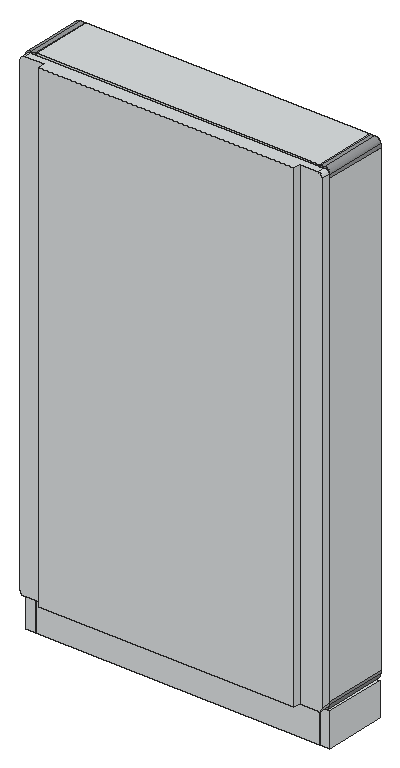
Revit family "Legrand Cabinet XL³ 800 Metal", category Equipement électrique, Revit 2020
Family settings
  Configuration du panneau = Deux colonnes, circuits au sein
  Cote de connecteur circulaire = Utiliser le diamètre
  Type d'élément = Tableau de raccordement
  Numéro OmniClass = 23.80.30.11.17
  Titre OmniClass = Distribution Boards and Control Panels
  Basée sur le plan de construction = Non
  Toujours verticalement = Oui
  Couper avec des vides une fois chargée = Non
  Partagée = Non
  Point de calcul de pièce = Non
Parameters (values of type "020408-021258")
  built-in parameter 1140140 [instance] = 1 (stored number, unit not read)
  depth installation zone = 1330 mm
  Material corner = "Plastic"  # constant formula
  Material = "Steel"  # constant formula
  width installation zone = 2360 mm
  height installation zone = [height total (mm)]  # 1550 mm
  installation zone [instance] = yes
  URL = "https://www.legrand.fr/"
  depth (mm) = 230 mm
  General Conditions of Use = "https://export.legrand.com/en/terms-of-use-BIM-objects"
  Enclosures = not(Cabinets)  # yes
  Cabinets = no
  level installation zone = if(not(Enclosures), 5 mm, 0 mm)  # 0 mm
  level Cabinet = if(not(Enclosures), 0 mm, 100 mm)  # 100 mm
  Modèle = "XL³ 800"
  width (mm) = 910 mm
  IPK (kA) = "50"
  IN max (A) = "800"
  ICW (until) (kA) = "25"
  IP without door = "30"
  IP with door = "43"
  IK without door = "07"
  IK with door = "08"
  height total (mm) = 1550 mm
  height = if(not(Enclosures), [height total (mm)], [height total (mm)] - 100 mm)  # 1450 mm
  Finish = "Epoxipolyester paint deposited by electrostatic powder"
  Fabricant = "Legrand"  # constant formula
  RAL = "7035"
  Elévation par défaut = 0 mm
  built-in parameter 1140142 [instance] = -1
  built-in parameter 1155100 [instance] = -1
Types (9, lengths in mm): name | height installation zone | Enclosures | Cabinets | level installation zone | level Cabinet | width (mm) | height total (mm) | height
  (no name) | 1050 | no | yes | 5 | 0 | 660 | 1050 | 1050
  020401-021251 | 1050 | no | yes | 5 | 0 | 660 | 1050 | 1050
  020404-021254 | 1950 | yes | no | 0 | 100 | 660 | 1950 | 1850
  020402-021252 | 1250 | no | yes | 5 | 0 | 660 | 1250 | 1250
  020406-021256 | 1050 | no | yes | 5 | 0 | 910 | 1050 | 1050
  020407-021257 | 1250 | no | yes | 5 | 0 | 910 | 1250 | 1250
  020403-021253 | 1550 | yes | no | 0 | 100 | 660 | 1550 | 1450
  020408-021258 | 1550 | yes | no | 0 | 100 | 910 | 1550 | 1450
  020409-021259 | 1950 | yes | no | 0 | 100 | 910 | 1950 | 1850
Reference planes
  plane 1 "Centre (avant/arrière)": y = 0
  plane 2: z = 0
  plane 3 "Centre (gauche/droite)": x = 0
  plane 4: y = 115
  plane 5: y = -115
  plane 6: x = -455
  plane 7: x = 455
  plane 8: z = 1550
  plane 9: z = 825
  plane 10: x = -425
  plane 11: z = 1525
  plane 12: z = 1533.5
  plane 13: x = -438.5
  plane 14: z = 1545
  plane 15: z = 105
  plane 16: x = 450
  plane 17: x = -450
  plane 18: y = 114
  plane 19: y = -72
  plane 20: z = 1546
  plane 21: x = 451
  plane 22: z = 104
  plane 23: x = -451
  plane 24: x = 440
  plane 25: x = -430
  plane 26: x = -425
  plane 27: x = 425
  plane 28: y = -42
  plane 29: y = 84
  plane 30: z = 0
  plane 31 "Niveau coffret": z = 100
  plane 32: z = 117
  plane 33: x = -271
  plane 34: z = 125
  plane 35: x = -382
  plane 36: x = 382
  plane 37: y = -96
Forms (mm)
  Extrusion 1, solid, material "IDS_PLASTIQUE"
    sketch origin (0, 0, 0) x (1, 0, 0) y (0, 0, 1)
      loop
        line (-455, 1525) -> (-425, 1525) -> (-425, 1550) -> (-438.5, 1550)
        arc (-438.5, 1550) -> (-450.167, 1545.167) -> (-455, 1533.5) r 16.5
        line (-455, 1533.5) -> (-455, 1525)
      loop
        line (455, 1525) -> (455, 1533.5)
        arc (455, 1533.5) -> (450.167, 1545.167) -> (438.5, 1550) r 16.5
        line (438.5, 1550) -> (425, 1550) -> (425, 1525) -> (455, 1525)
      loop
        line (-455, 125) -> (-455, 116.5)
        arc (-455, 116.5) -> (-450.167, 104.833) -> (-438.5, 100) r 16.5
        line (-438.5, 100) -> (-425, 100) -> (-425, 125) -> (-455, 125)
      loop
        line (455, 125) -> (425, 125) -> (425, 100) -> (438.5, 100)
        arc (438.5, 100) -> (450.167, 104.833) -> (455, 116.5) r 16.5
        line (455, 116.5) -> (455, 125)
    from -115 to 72
  Extrusion 2, solid, material "IDS_ACIER"
    sketch origin (0, 0, 0) x (1, 0, 0) y (0, 0, 1)
      loop
        line (-425, 1550) -> (-425, 1525) -> (425, 1525) -> (425, 1550) -> (-425, 1550)
      loop
        line (-425, 100) -> (425, 100) -> (425, 125) -> (-425, 125) -> (-425, 100)
    from -115 to 72
  Extrusion 3, solid, material "IDS_ACIER"
    sketch origin (0, 0, 0) x (1, 0, 0) y (0, 0, 1)
      loop
        line (-455, 1525) -> (-455, 125) -> (-425, 125) -> (-425, 1525) -> (-455, 1525)
      loop
        line (455, 1525) -> (425, 1525) -> (425, 125) -> (455, 125) -> (455, 1525)
    from -115 to 72
  Extrusion 4, solid, material "IDS_ACIER"
    sketch origin (0, 0, 0) x (1, 0, 0) y (0, 0, 1)
      loop
        line (-450, 1545) -> (-450, 105) -> (450, 105) -> (450, 1545) -> (-450, 1545)
    from -115 to -114
  Extrusion 5, solid, material "IDS_ACIER"
    sketch origin (0, 0, 0) x (1, 0, 0) y (0, 0, 1)
      loop
        line (-451, 1533.5) -> (-451, 116.5)
        arc (-451, 116.5) -> (-447.339, 107.661) -> (-438.5, 104) r 12.5
        line (-438.5, 104) -> (438.5, 104)
        arc (438.5, 104) -> (447.339, 107.661) -> (451, 116.5) r 12.5
        line (451, 116.5) -> (451, 1533.5)
        arc (451, 1533.5) -> (447.339, 1542.339) -> (438.5, 1546) r 12.5
        line (438.5, 1546) -> (-438.5, 1546)
        arc (-438.5, 1546) -> (-447.339, 1542.339) -> (-451, 1533.5) r 12.5
    from 72 to 96
  Extrusion 6, solid, material "IDS_ACIER", visible <- "Enclosures"
    sketch origin (0, 0, 0) x (1, 0, 0) y (0, 1, 0)
      loop
        line (-455, 114) -> (-455, -72) -> (-425, -72) -> (-425, 114) -> (-455, 114)
      loop
        line (455, 114) -> (425, 114) -> (425, -72) -> (455, -72) -> (455, 114)
    from 0 to 100
  Extrusion 7, solid, material "IDS_ACIER", visible <- "Enclosures"
    sketch origin (0, 0, 0) x (1, 0, 0) y (0, 1, 0)
      loop
        line (-425, -42) -> (-425, -72) -> (425, -72) -> (425, -42) -> (-425, -42)
      loop
        line (-425, 114) -> (-425, 84) -> (425, 84) -> (425, 114) -> (-425, 114)
    from 0 to 100
  Extrusion 8, solid, material "IDS_ACIER"
    sketch origin (0, 0, 0) x (1, 0, 0) y (0, 1, 0)
      loop
        line (-382, -96) -> (-382, -115) -> (382, -115) -> (382, -96) -> (-382, -96)
    from 104 to 1546
Cuts and joins
  joined: Extrusion 2, Extrusion 3, Extrusion 4
  joined: Extrusion 5, Extrusion 8
Dimensions and locks
  equal spacing: plane 6, plane 3 "Centre (gauche/droite)", plane 7
  equal spacing: plane 4, plane 1 "Centre (avant/arrière)", plane 5
  "width (mm)": plane 6 to plane 7
  "depth (mm)": plane 4 to plane 5
  locked: plane 10 to plane 6 at 30
  locked: plane 8 to plane 11 at 25
  locked: plane 13 to plane 6 at 16.5
  locked: plane 8 to plane 12 at 16.5
  locked: plane 8 to plane 14 at 5
  locked: plane 17 to plane 6 at 5
  locked: plane 7 to plane 16 at 5
  locked: plane 18 to plane 4 at 1
  locked: plane 5 to plane 19 at 43
  locked: plane 7 to plane 21 at 4
  equal spacing: plane 21, plane 3 "Centre (gauche/droite)", plane 23
  locked: plane 7 to plane 24 at 15
  locked: plane 25 to plane 6 at 25
  locked: plane 6 to plane 26 at 30
  equal spacing: plane 26, plane 3 "Centre (gauche/droite)", plane 27
  locked: plane 28 to plane 19 at 30
  locked: plane 18 to plane 29 at 30
  "level installation zone": plane 30 to plane 2
  "level Cabinet": plane 31 "Niveau coffret" to plane 2
  "height": plane 8 to plane 31 "Niveau coffret"
  locked: plane 22 to plane 31 "Niveau coffret" at 4
  equal spacing: plane 8, plane 9, plane 31 "Niveau coffret"
  equal spacing: plane 20, plane 9, plane 22
  locked: plane 15 to plane 31 "Niveau coffret" at 5
  locked: plane 34 to plane 31 "Niveau coffret" at 25
  locked: plane 32 to plane 31 "Niveau coffret" at 17
  locked: plane 6 to plane 35 at 73
  locked: plane 5 to plane 37 at 19
  locked: plane 36 to plane 7 at 73
  aligned and locked: level to plane 2
  aligned and locked: plane 11 to Extrusion 1 sketch curve
  aligned and locked: Extrusion 1 sketch curve to plane 10
  aligned and locked: plane 6 to Extrusion 1 sketch curve
  aligned and locked: plane 4 to Extrusion 1
  aligned and locked: Extrusion 2 sketch curve to plane 8
  aligned and locked: Extrusion 2 sketch curve to Extrusion 1  (x3)
  aligned and locked: plane 4 to Extrusion 2
  aligned and locked: plane 6 to Extrusion 3 sketch curve
  aligned and locked: Extrusion 3 sketch curve to Extrusion 1  (x2)
  aligned and locked: plane 4 to Extrusion 3
  aligned and locked: Extrusion 4 sketch curve to plane 14
  aligned and locked: plane 17 to Extrusion 4 sketch curve
  aligned and locked: Extrusion 4 sketch curve to plane 15
  aligned and locked: Extrusion 4 sketch curve to plane 16
  aligned and locked: plane 4 to Extrusion 4
  aligned and locked: Extrusion 1 to plane 19
  aligned and locked: Extrusion 1 to Extrusion 3
  aligned and locked: Extrusion 2 to Extrusion 1
  aligned and locked: Extrusion 5 sketch curve to plane 20
  aligned and locked: plane 23 to Extrusion 5 sketch curve
  aligned and locked: Extrusion 5 sketch curve to plane 22
  aligned and locked: Extrusion 5 sketch curve to plane 21
  aligned and locked: plane 19 to Extrusion 5
  aligned and locked: cut or joined group of Extrusion 2, Extrusion 3, Extrusion 4 to plane 18
  aligned and locked: plane 19 to Extrusion 6 sketch curve
  aligned and locked: Extrusion 6 sketch curve to plane 26
  aligned and locked: plane 6 to Extrusion 6 sketch curve
  aligned and locked: plane 7 to Extrusion 6 sketch curve
  aligned and locked: Extrusion 6 sketch curve to plane 27
  aligned and locked: Extrusion 6 sketch curve to plane 19
  aligned and locked: plane 18 to Extrusion 6 sketch curve
  aligned and locked: Extrusion 6 sketch curve to plane 18
  aligned and locked: plane 19 to Extrusion 7 sketch curve
  aligned and locked: Extrusion 7 sketch curve to plane 28
  aligned and locked: Extrusion 7 sketch curve to plane 29
  aligned and locked: Extrusion 7 sketch curve to plane 18
  aligned and locked: Extrusion 7 sketch curve to cut or joined group of Extrusion 2, Extrusion 3, Extrusion 4  (x4)
  aligned and locked: cut or joined group of Extrusion 2, Extrusion 3, Extrusion 4 to Extrusion 3 sketch curve
  aligned and locked: plane 34 to Extrusion 1 sketch curve
  aligned and locked: plane 10 to Extrusion 1 sketch curve
  aligned and locked: Extrusion 1 sketch curve to plane 31 "Niveau coffret"
  aligned and locked: Extrusion 1 sketch curve to plane 6
  aligned and locked: Extrusion 1 sketch curve to plane 13
  aligned and locked: plane 31 "Niveau coffret" to Extrusion 7
  aligned and locked: plane 31 "Niveau coffret" to Extrusion 6
  aligned and locked: Extrusion 7 to plane 30
  aligned and locked: Extrusion 6 to plane 30
  aligned and locked: plane 35 to Extrusion 8 sketch curve
  aligned and locked: Extrusion 8 sketch curve to plane 36
  aligned and locked: Extrusion 5 to plane 37
  aligned and locked: Extrusion 8 sketch curve to plane 37
  aligned and locked: Extrusion 8 sketch curve to plane 5
  aligned and locked: Extrusion 5 to Extrusion 8  (x2)
Automatic sketch dimensions
  plane 6 to Extrusion 5 sketch curve = 16.5 mm
  Extrusion 5 sketch curve to Extrusion 5 sketch curve = 12.5 mm
  Extrusion 5 sketch curve to plane 7 = 16.5 mm  (x2)
  Extrusion 1 sketch curve to plane 8 = 0 mm  (x2)
  Extrusion 1 sketch curve to plane 13 = 0 mm
  Extrusion 1 sketch curve to plane 34 = 0 mm
  Extrusion 1 sketch curve to plane 31 "Niveau coffret" = 0 mm
  Extrusion 1 sketch curve to plane 11 = 0 mm
  Extrusion 1 sketch curve to plane 12 = 0 mm
  Extrusion 1 sketch curve to plane 7 = 0 mm  (x2)
  Extrusion 1 sketch curve to Extrusion 1 sketch curve = 13.5 mm
  Extrusion 1 sketch curve to plane 24 = 15 mm
  plane 32 to Extrusion 1 sketch curve = 0.5 mm
  Extrusion 2 sketch curve to plane 31 "Niveau coffret" = 0 mm
  plane 25 to Extrusion 2 sketch curve = 5 mm
  Extrusion 2 sketch curve to plane 24 = 15 mm
  plane 31 "Niveau coffret" to Extrusion 2 sketch curve = 25 mm
  Extrusion 3 sketch curve to plane 7 = 0 mm
  Extrusion 3 sketch curve to plane 24 = 15 mm
  plane 31 "Niveau coffret" to Extrusion 3 sketch curve = 25 mm  (x2)
  Extrusion 3 sketch curve to plane 8 = 25 mm
Connectors
  electrical at (0, 115, 825)
    settings: on cut or joined group of Extrusion 2, Extrusion 3, Extrusion 4, index 1, voltage 0 V, apparent load 0 VA, apparent load phase1 0 VA, apparent load phase2 0 VA, apparent load phase3 0 VA, power factor 1, load classification "Autre", number of poles 1, system type 31, power factor state 1, is connector primary yes, connector utility no, sub classification motor no, connector description ""
